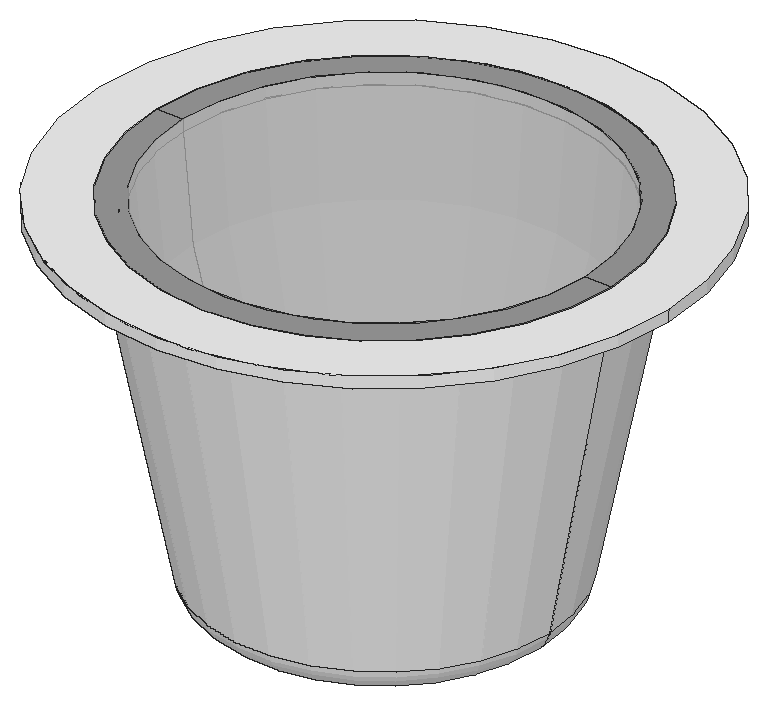
Revit family "2059045 Lighting Fixture_Sylvania_Ascent 100 Arch(120)-High Efficiency_Ceiling Recessed", category Lighting Fixtures, host Face, Revit 2017
Family settings
  Host = Face
  Round Connector Dimension = Use Diameter
  Part Type = Normal
  OmniClass Number = 23.80.70.11.17
  OmniClass Title = Specialized Lighting by Location or Use
  Cut with Voids When Loaded = No
  Light Source = Yes
  Shared = No
  Room Calculation Point = No
Parameters (values of type "Ascent100 Arch HE 3K STD 120")
  Reflector Radius = Radius - 15.0 mm  # 60.0 mm
  Reflector Material = Aluminium_Sylvania_Ascent_Silver
  Radius = 75.0 mm
  Life = "50 000h"  # constant formula
  IP Rating = "IP44"  # constant formula
  IK Rating = "IK02"  # constant formula
  Height = 94.0 mm
  Wattage = 6 W
  built-in parameter 1150110 = 1 (stored number, unit not read)
  Voltage Comments = "UNV (Universal Voltage; 220-240 Volt)"  # constant formula
  Voltage = 240 V  # constant formula
  URL = "https://www.sylvania-lighting.com/"
  built-in parameter 1114217 = 1 (stored number, unit not read)
  Tilt Angle = -90°
  built-in parameter 1150109 = 1 (stored number, unit not read)
  built-in parameter 1150134 = (empty or 0)
  built-in parameter 1150113 = 1 (stored number, unit not read)
  Product Page URL = "https://www.sylvania-lighting.com/product/en-int/products/2059045"
  Product Family = "Ascent 100 Arch (120) - High Efficiency"  # constant formula
  Photometry Comments = ""
  Photometric Web File = "2059045_Ascent100ArchHE3KSTD120-188182.ies"
  Glow Wire Test = 850 °C
  Emit from Circle Diameter = 2 * Diffuser Radius  # 106.0 mm
  Emit Shape Visible in Rendering = no
  Drive Current = "350mA"  # constant formula
  Diffuser Radius = Reflector Radius - 7.0 mm  # 53.0 mm
  Diffuser Material = Polycarbonate_Sylvania_Ascent_Clear
  Diameter = 2 * Radius  # 150.0 mm
  Cutout Diameter = Diameter - 13.0 mm  # 137.0 mm
  built-in parameter 1114216 [instance] = 1 (stored number, unit not read)
  Model = "Ascent100 Arch HE 3K STD 120"
  Manufacturer = "Feilo-Sylvania Group"
  built-in parameter 1150105 = 48.305 (stored number, unit not read)
  Lumens = 607.02 lm
  built-in parameter 1150115 = 1 (stored number, unit not read)
  built-in parameter 1150137 = (empty or 0)
  built-in parameter 1150139 = (empty or 0)
  built-in parameter 1150112 = 1 (stored number, unit not read)
  built-in parameter 1150114 = 1 (stored number, unit not read)
  Lamp = "Integrated LED"
  built-in parameter 1150132 = 2
  built-in parameter 1150102 = (empty or 0)
  built-in parameter 1150107 = 3000 (stored number, unit not read)
  built-in parameter 1150138 = (empty or 0)
  built-in parameter 1150106 = 0.48305 (stored number, unit not read)
  Body Material = Aluminum_Sylvania_Ascent_White
  built-in parameter 1150104 = 9.399 (stored number, unit not read)
  Dimming Lamp Color Temperature Shift = <None>
  Description = "Direct LED retro fit for original LED 100 Arch (120) single CFL lamp offering Matching lumen levels and improved light distribution of original LED 100 CFL lamp equivalents Typically half the power consumption compared to CFL Up to 104lm/W 120mm aperture Architectural reflector accepts range of glass accessories from existing LED 100 Arch 120 offering HE, HO and VHO versions equivalent of single 1 x 13W, 1 x 18W, 1 x 26W Additional VVHO versions which offer the performance circa 2 x 26W equivalent"  # constant formula
  Default Elevation = 0.0 mm
  Color Filter = 16777215
  Catalog Number = "2059045 Ascent100 Arch HE 3K STD 120"
  built-in parameter 1140040 [instance] = 1
  built-in parameter 1114218 = 1 (stored number, unit not read)
  built-in parameter 1150133 = 10 (stored number, unit not read)
  Assembly Code = "D5020200"
  Apparent Load Comments = ""
  Apparent Load = 6 VA
  Aperture = 2 * Reflector Radius  # 120.0 mm
  Accessory Material = Aluminum_Sylvania_Ascent_White
Reference planes
  plane 1 "Center (Front/Back)": y = 0
  plane 2: z = 0
  plane 3 "Center (Left/Right)": x = 0
  plane 4 "Fixture Bottom": z = 3
  plane 5: z = -52.5
  plane 6 "Fixture Top": z = -91
Forms (mm)
  Extrusion 1, solid, material "Aluminum_Sylvania_Ascent_White" <- "Accessory Material", detail levels fine
    sketch origin (0, 0, 0) x (1, 0, 0) y (0, 1, 0)
      loop
        circle (0, 0) r 75
      loop
        circle (0, 0) r 60
    from 0 to 3
  Extrusion 2, void
    sketch origin (0, 0, 0) x (1, 0, 0) y (0, 1, 0)
      loop
        circle (0, 0) r 68.5
    from -91 to 3
  Revolve 3, solid, material "Aluminum_Sylvania_Ascent_White" <- "Body Material", detail levels fine
    sketch origin (0, 0, 0) x (1, 0, 0) y (0, 0, 1)
      loop
        line (0, -91.073) -> (0, -89.023) -> (-35.468, -89.014)
        arc (-35.468, -89.014) -> (-39.352, -87.613) -> (-41.54, -84.139) r 6.307
        line (-41.54, -84.139) -> (-57.991, -2.844) -> (-57.991, 0) -> (-60, 0) -> (-60, -3) -> (-43.5, -84.536)
        arc (-43.5, -84.536) -> (-40.643, -89.203) -> (-35.5, -91.073) r 8.291
        line (-35.5, -91.073) -> (0, -91.073)
      axis (0, 0) -> (0, -91.073)
    angle from 0 to 360
  Revolve 4, solid, material "Aluminium_Sylvania_Ascent_Silver" <- "Reflector Material", detail levels fine
    sketch origin (0, 0, 0) x (1, 0, 0) y (0, 0, 1)
      loop
        line (-60, 3) -> (-60, 0) -> (-55, 0)
        arc (-55, 0) -> (-52.349, -26.77) -> (-44.5, -52.5) r 136.5
        line (-44.5, -52.5) -> (-38, -52.5)
        arc (-38, -52.5) -> (-36.857, -61.521) -> (-33.5, -69.971) r 36.166
        line (-33.5, -69.971) -> (0, -69.971) -> (0, -50.5) -> (-43.16, -50.5)
        arc (-43.16, -50.5) -> (-50.517, -25.725) -> (-53, 0) r 134.5
        line (-53, 0) -> (-53, 3) -> (-60, 3)
      axis (0, 3) -> (0, -69.971)
    angle from 0 to 360
  Extrusion 5, solid, material "Polycarbonate_Sylvania_Ascent_Clear" <- "Diffuser Material", detail levels fine
    sketch origin (0, 0, 0) x (1, 0, 0) y (0, 1, 0)
      loop
        circle (0, 0) r 53
    from 0 to 3
  Revolve 6, solid, material "Aluminum_Sylvania_Ascent_White" <- "Accessory Material", detail levels coarse+medium
    sketch origin (0, 0, 0) x (1, 0, 0) y (0, 0, 1)
      loop
        line (0, -91.073) -> (0, 3) -> (-75, 3) -> (-75, 0) -> (-60, 0) -> (-60, -3) -> (-43.5, -84.536)
        arc (-43.5, -84.536) -> (-40.643, -89.203) -> (-35.5, -91.073) r 8.291
        line (-35.5, -91.073) -> (0, -91.073)
      axis (0, 3) -> (0, -91.073)
    angle from 0 to 360
Dimensions and locks
  locked: plane 4 "Fixture Bottom" to plane 2 at 3
  "Height": plane 4 "Fixture Bottom" to plane 6 "Fixture Top"
  "Reflector Radius": plane 3 "Center (Left/Right)" to Revolve 4 sketch curve
  locked: Revolve 4 sketch curve to Revolve 4 sketch curve at 15.5
  locked: Revolve 4 sketch curve to Revolve 4 sketch curve at 5
  locked: Revolve 4 sketch curve to Revolve 4 sketch curve at 7
  locked: Revolve 4 sketch curve to Revolve 4 sketch curve at 22
  locked: Revolve 4 sketch curve to Revolve 4 sketch curve at 26.5
  locked: Revolve 3 sketch curve to Revolve 3 sketch curve at 16.5
  locked: Revolve 3 sketch curve to Revolve 3 sketch curve at 24.5
  "Reflector Radius": Revolve 3 sketch curve to plane 3 "Center (Left/Right)"
  locked: Revolve 3 sketch curve to plane 6 "Fixture Top" at 6.464
  locked: plane 2 to Revolve 3 sketch curve at 3
  locked: Revolve 3 sketch curve to Revolve 3 sketch curve at 2
  locked: Revolve 3 sketch curve to Revolve 3 sketch curve at 2.009
  locked: plane 2 to plane 5 at 52.5
  locked: Revolve 6 sketch curve to Revolve 6 sketch curve at 31.5
  locked: Revolve 6 sketch curve to Revolve 6 sketch curve at 39.5
  locked: Revolve 6 sketch curve to Revolve 6 sketch curve at 15
  "Radius": plane 3 "Center (Left/Right)" to Revolve 6 sketch curve
  "Cutout Diameter": diameter of Extrusion 2 sketch curve
  "Reflector Radius": radius of Extrusion 1 sketch curve
  "Diffuser Radius": radius of Extrusion 5 sketch curve
  "Radius": radius of Extrusion 1 sketch curve
  aligned and locked: host face to plane 2
  aligned and locked: host face to level
  aligned and locked: plane 1 "Center (Front/Back)" to imposter light
  aligned and locked: plane 3 "Center (Left/Right)" to imposter light
  aligned and locked: plane 4 "Fixture Bottom" to Extrusion 1
  aligned and locked: Extrusion 1 to plane 2
  aligned and locked: Revolve 3 sketch curve to plane 3 "Center (Left/Right)"
  aligned and locked: Revolve 4 sketch curve to plane 3 "Center (Left/Right)"  (x2)
  aligned and locked: plane 4 "Fixture Bottom" to Revolve 4 sketch curve
  aligned and locked: Revolve 3 sketch curve to imposter light
  aligned and locked: Extrusion 5 to plane 2
  aligned and locked: imposter light to Extrusion 5
  aligned and locked: plane 2 to Revolve 3 sketch curve  (x2)
  aligned and locked: Revolve 6 sketch curve to imposter light
  aligned and locked: Revolve 6 sketch curve to plane 3 "Center (Left/Right)"
  aligned and locked: plane 6 "Fixture Top" to Extrusion 2
  aligned and locked: imposter light to Extrusion 2
  aligned and locked: imposter light to plane 4 "Fixture Bottom"
Automatic sketch dimensions
  plane 1 "Center (Front/Back)" to Extrusion 2 sketch curve = 0.0 mm
  Extrusion 2 sketch curve to plane 3 "Center (Left/Right)" = 0.0 mm
  Extrusion 1 sketch curve to Extrusion 1 sketch curve = 0.0 mm  (x2)
  plane 1 "Center (Front/Back)" to Extrusion 1 sketch curve = 0.0 mm
  Extrusion 1 sketch curve to plane 3 "Center (Left/Right)" = 0.0 mm
  plane 6 "Fixture Top" to Revolve 3 sketch curve = 0.073 mm
  Revolve 3 sketch curve to plane 6 "Fixture Top" = 6.861 mm
  Revolve 3 sketch curve to Revolve 3 sketch curve = 0.003 mm
  Revolve 3 sketch curve to Revolve 3 sketch curve = 0.009 mm  (x2)
  Revolve 3 sketch curve to Revolve 3 sketch curve = 0.023 mm
  Revolve 3 sketch curve to Revolve 3 sketch curve = 0.072 mm
  Revolve 3 sketch curve to Revolve 3 sketch curve = 0.008 mm
  Revolve 3 sketch curve to plane 6 "Fixture Top" = 1.977 mm
  Revolve 3 sketch curve to Revolve 3 sketch curve = 33.496 mm
  Revolve 3 sketch curve to Revolve 3 sketch curve = 0.028 mm
  plane 4 "Fixture Bottom" to Revolve 3 sketch curve = 82.431 mm
  Revolve 4 sketch curve to Revolve 4 sketch curve = 0.0 mm  (x2)
  Revolve 4 sketch curve to plane 5 = 0.0 mm
  Revolve 4 sketch curve to level = 0.0 mm
  plane 5 to Revolve 4 sketch curve = 2.0 mm
  plane 4 "Fixture Bottom" to Revolve 4 sketch curve = 9.642 mm
  plane 1 "Center (Front/Back)" to Extrusion 5 sketch curve = 0.0 mm
  Extrusion 5 sketch curve to plane 3 "Center (Left/Right)" = 0.0 mm
  Revolve 4 sketch curve to level = 69.971 mm
  Revolve 4 sketch curve to Revolve 4 sketch curve = 2.387 mm
  Revolve 6 sketch curve to level = 0.0 mm
  Revolve 6 sketch curve to plane 3 "Center (Left/Right)" = 0.0 mm
  Revolve 6 sketch curve to Revolve 6 sketch curve = 8.104 mm
  Revolve 6 sketch curve to level = 3.0 mm
  Revolve 6 sketch curve to plane 6 "Fixture Top" = 6.464 mm
  plane 6 "Fixture Top" to Revolve 6 sketch curve = 0.073 mm
  Revolve 6 sketch curve to Revolve 6 sketch curve = 33.496 mm
  plane 4 "Fixture Bottom" to Revolve 6 sketch curve = 82.431 mm
  host sketch curve to host sketch curve = 1368.192 mm
  host sketch curve to host sketch curve = 1600.367 mm
Connectors
  electrical at (0, 0, -91.073), driven by "Voltage", driven by "Apparent Load"
    settings: on Revolve 3, index 1, voltage 240 V, apparent load 0 VA, apparent load phase1 6 VA, apparent load phase2 0 VA, apparent load phase3 0 VA, power factor 1, load classification "Lighting", number of poles 1, system type 31, power factor state 1, is connector primary yes, connector utility no, sub classification motor no, connector description ""
